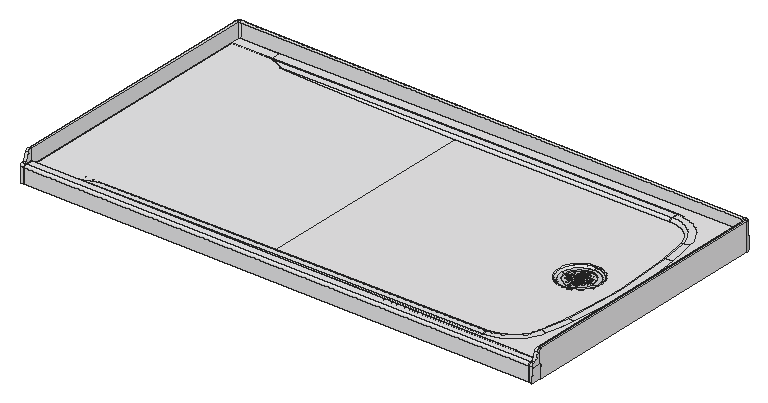
Revit family "Shower-Base-KOHLER-Ballast-K-1936_1", category Plumbing Fixtures, host Face, Revit 2015
Parameters (values of type "0-White")
  Width = 32"  # constant formula
  Waste Water Outlet = "Waste Water Outlet"  # constant formula
  Waste Connection = 1 = 1  # yes
  Vent Connection = 1 = 0  # no
  URL = "https://www.us.kohler.com/us/"
  Product Page URL = "http://www.us.kohler.com/us/catalog/productDetails.jsp?productNumber=1936"
  Product Name = "Ballast"  # constant formula
  Product Documentation Link = "http://www.us.kohler.com/onlinecatalog/pdf/K-1936_spec.pdf"
  Panel Thickness = 0"
  Model = "K-1936-0"  # constant formula
  Material = "Durable Acrylic With Resin Concrete Core Construction"  # constant formula
  MasterFormat 2004 = "22.41.23"  # constant formula
  MasterFormat 1995 = "15410"  # constant formula
  Manufacturer Address = "444 Highland Dr, Kohler, WI 53044"  # constant formula
  Manufacturer = "KOHLER Co."  # constant formula
  Length = 60"  # constant formula
  Hot Water Inlet = "Hot Water Inlet"  # constant formula
  Height = 1 15/16"  # constant formula
  HW Connection = 1 = 0  # no
  Finish = Kohler-Acrylic-0-White
  Environmental Product Declaration = ""
  Drain Included = 1 = 0  # no
  Description = "60 inch x 32 inch shower base with right-hand drain"  # constant formula
  Default Elevation = 0"
  Declare Label = ""
  Date Modified = "01/17/2019"  # constant formula
  Date Created = "01/17/2019"  # constant formula
  Copyright = "Copyright KOHLER Co."  # constant formula
  Contact Us = "https://www.us.kohler.com/us/static/contact.jsp"
  Cold Water Inlet = "Cold Water Inlet"  # constant formula
  CW Connection = 1 = 0  # no
  Assembly Code = "D2010700"
  ADA Compliant = 1 = 0  # no
Reference planes (in)
  plane 1 "Center (Front/Back)": y = 0
  plane 2: z = 0
  plane 3 "Center (Left/Right)": x = 0
  plane 4: y = 16
  plane 5: x = -30
  plane 6: x = 30
  plane 7: y = -16
  plane 8: z = 3.1875
  plane 9: z = 1.9375
Forms (in)
  Extrusion 1, void
    sketch origin (0, 0, 0) x (1, 0, 0) y (0, 1, 0)
      loop
        circle (0, 0) r 1.6393
    from -1.49591 to 0.35647
Dimensions and locks (in)
  "Length": plane 5 to plane 6
  "Width": plane 7 to plane 4
  "Height": plane 9 to plane 2
  locked: plane 8 to plane 2 at 3.1875
  aligned and locked: plane 2 to host face
  aligned and locked: level to host face
Automatic sketch dimensions
  host sketch curve to host sketch curve = 96"  (x2)
  plane 1 "Center (Front/Back)" to Extrusion 1 sketch curve = 0"
  Extrusion 1 sketch curve to plane 3 "Center (Left/Right)" = 0"
  radius of Extrusion 1 sketch curve = 1.6393"
Nested families (in)
  nested 1: "K-1936" at (0, 0, 0), type "K-1936"
Connectors (in)
  piping at (22.71654, 0, 0.71447), diameter 2, driven by "Waste Connection", driven by "Waste Water Outlet"
    settings: on nested 1, index 1, connector inside diameter 24", connector length 0", flow factor 0, pipe flow 0 GPM, pressure drop 0.00 psi, fitting loss kfactor 0, connector angle 0.00°, fixture units 0, engagement length 0", angle of deflection 0.00°, flow configuration 0, flow direction 2, fitting loss method 0, system type 16, joint type 0, gender type 0, connector reference index -1, connector utility 1, adjustable connector no, is connector primary yes, connector description "Waste Water Outlet"
Definition of nested family "K-1936"
  Parameters (values of type "K-1936")
    Material = none
  Reference planes (in)
    plane 1 "Center (Front/Back)": y = 0
    plane 2: z = 0
    plane 3 "Center (Left/Right)": x = 0
    plane 4: z = 1.9375
    plane 5: z = 3.1875
    plane 6: x = 30
    plane 7: y = 16
    plane 8: y = -16
    plane 9: x = -30
    plane 10: x = 22.75
    plane 11: y = -13.6875
    plane 12 "A": through (22.73465, -180, 1.9303) normal (0.0082, 0, -1)
  Forms (in)
    Sweep 1, solid, material <- "Material", detail levels medium+fine
      path origin (0, 0, 0) x (1, 0, 0) y (0, 1, 0)
        loop
          line (-29.50723, -14.81657) -> (-29.47521, 15.45483)
          arc (-29.47521, 15.45483) -> (-29.46923, 15.46922) -> (-29.45484, 15.47518) r 0.02036
          line (-29.45484, 15.47518) -> (29.45507, 15.47518)
          arc (29.45507, 15.47518) -> (29.4693, 15.46929) -> (29.47521, 15.45506) r 0.02014
          line (29.47521, 15.45506) -> (29.50723, -14.81657)
      profile origin (-29.49122, 0.31913, 0) x (-0.999999, 0.001058, 0) y (0, 0, 1)
        loop
          arc (0.26332, 3.2185) -> (0.19579, 3.19139) -> (0.16576, 3.12512) r 0.09766
          line (0.16576, 3.12512) -> (0.02905, 0) -> (0.50884, 0) -> (0.4271, 3.12225)
          arc (0.4271, 3.12225) -> (0.39727, 3.19046) -> (0.3283, 3.2185) r 0.09884
          line (0.3283, 3.2185) -> (0.26332, 3.2185)
    Extrusion 2, void, detail levels medium+fine
      sketch origin (-0.01172, 0, 0.01562) x (1, 0, 0) y (0, 0, 1)
        loop
          line (-30.22519, -0.04744) -> (-30.00104, -0.04744) -> (-29.91826, 3.11395)
          arc (-29.91826, 3.11395) -> (-29.88821, 3.18264) -> (-29.81874, 3.21086) r 0.09951
          line (-29.81874, 3.21086) -> (-30.22519, 3.21104) -> (-30.22519, -0.04744)
      from 14.81599 to 16.08076
    Sweep 3, solid, material <- "Material", detail levels medium+fine
      path origin (0, 0, 0) x (1, 0, 0) y (0, 1, 0)
        loop
          line (29.5711, -15.95491) -> (-29.5711, -15.95485)
      profile origin (0, -15.95488, 0) x (-0.000001, -1, 0) y (0, 0, 1)
        loop
          line (0.04508, 0) -> (-0.00006, 1.72392)
          arc (-0.00006, 1.72392) -> (-0.07553, 1.89645) -> (-0.24998, 1.96737) r 0.25
          line (-0.24998, 1.96737) -> (-1.13838, 1.96737) -> (-1.13838, 0) -> (0.04508, 0)
    Revolve 4, solid, material <- "Material", detail levels medium+fine
      sketch origin (0, 0, 0) x (1, 0, 0) y (0, 0, 1)
        loop
          line (21.01531, 0) -> (22.71654, 0) -> (22.71654, 1.25692) -> (20.011, 1.25692)
          arc (20.011, 1.25692) -> (20.18766, 1.22178) -> (20.33743, 1.12171) r 0.46164
          line (20.33743, 1.12171) -> (20.62154, 0.8376) -> (21.01531, 0.8376) -> (21.01531, 0)
        axis (22.71654, 1.25692) -> (22.71654, 0)
      angle from 0 to 360
    Sweep 5, solid, material <- "Material", detail levels medium+fine
      path origin (0, 0, 0) x (1, 0, 0) y (0, 1, 0)
        loop
          line (-29.56989, -14.81651) -> (-29.97393, -14.81608)
      profile origin (-29.77191, -14.81629, 0) x (-0.001058, -0.999999, 0) y (0, 0, 1)
        loop
          line (0, 3.2185) -> (0, 0) -> (1.18354, 0) -> (1.13828, 1.7265)
          arc (1.13828, 1.7265) -> (1.06361, 1.8972) -> (0.89101, 1.96737) r 0.24735
          line (0.89101, 1.96737) -> (0.83512, 1.96737)
          arc (0.83512, 1.96737) -> (0.75007, 1.99419) -> (0.69578, 2.06494) r 0.14828
          line (0.69578, 2.06494) -> (0.37, 2.96009)
          arc (0.37, 2.96009) -> (0.22622, 3.14748) -> (0, 3.2185) r 0.39272
    Extrusion 6, void, detail levels medium+fine
      sketch origin (0, 0, 0) x (1, 0, 0) y (0, 0, 1)
        loop
          line (-29.77331, 3.27872) -> (-29.77331, 3.2276)
          arc (-29.77331, 3.2276) -> (-29.70361, 3.19617) -> (-29.67303, 3.12609) r 0.10632
          line (-29.67303, 3.12609) -> (-29.62234, 1.96737) -> (-29.33125, 1.96737) -> (-29.33125, 3.27872) -> (-29.77331, 3.27872)
      from 14.73194 to 16.05581
    Sweep 7, solid, material <- "Material", detail levels medium+fine
      path origin (0, 0, 0) x (-1, 0, 0) y (0, 1, 0)
        loop
          line (-29.56989, -14.81651) -> (-29.97393, -14.81608)
      profile origin (29.77191, -14.81629, 0) x (-0.001058, 0.999999, 0) y (0, 0, 1)
        loop
          arc (0, 3.2185) -> (-0.22622, 3.14748) -> (-0.37, 2.96009) r 0.39272
          line (-0.37, 2.96009) -> (-0.69578, 2.06494)
          arc (-0.69578, 2.06494) -> (-0.75007, 1.99419) -> (-0.83512, 1.96737) r 0.14828
          line (-0.83512, 1.96737) -> (-0.89101, 1.96737)
          arc (-0.89101, 1.96737) -> (-1.06361, 1.8972) -> (-1.13828, 1.7265) r 0.24735
          line (-1.13828, 1.7265) -> (-1.18354, 0) -> (0, 0) -> (0, 3.2185)
    Extrusion 8, void, detail levels medium+fine
      sketch origin (0, 0, 0) x (-1, 0, 0) y (0, 0, -1)
        loop
          line (-29.75788, -3.22929) -> (-29.44594, -3.22929) -> (-29.44594, -1.96737) -> (-29.62234, -1.96737) -> (-29.67299, -3.12512)
          arc (-29.67299, -3.12512) -> (-29.69817, -3.19127) -> (-29.75788, -3.22929) r 0.1125
      from 14.73194 to 16.05581
    Revolve 9, void, detail levels medium+fine
      sketch origin (22.75, 0, 0) x (0, 1, 0) y (0, 0, 1)
        loop
          line (0, 1.7088) -> (-2.73408, 1.7088)
          arc (-2.73408, 1.7088) -> (-2.54015, 1.67023) -> (-2.37574, 1.56037) r 0.50677
          line (-2.37574, 1.56037) -> (-2.15173, 1.33636)
          arc (-2.15173, 1.33636) -> (-2.08878, 1.2943) -> (-2.01452, 1.27953) r 0.19405
          line (-2.01452, 1.27953) -> (0, 1.27953) -> (0, 1.7088)
        axis (0, 1.7088) -> (0, 1.27953)
      angle from 0 to 360
    Extrusion 10, void, detail levels medium+fine
      sketch origin (22.71654, 0, 0) x (1, 0, 0) y (0, 1, 0)
        loop
          circle (0, 0) r 1.67829
      from 1.34848 to 2.17287
    Extrusion 11, void
      sketch origin (0, 0, 0) x (1, 0, 0) y (0, 1, 0)
        loop
          arc (22.06654, 1.19973) -> (22.03118, 1.18508) -> (22.01654, 1.14973) r 0.05
          line (22.01654, 1.14973) -> (22.01654, 0.84348)
          arc (22.01654, 0.84348) -> (22.03118, 0.80812) -> (22.06654, 0.79348) r 0.05
          line (22.06654, 0.79348) -> (22.37279, 0.79348)
          arc (22.37279, 0.79348) -> (22.40814, 0.80812) -> (22.42279, 0.84348) r 0.05
          line (22.42279, 0.84348) -> (22.42279, 1.14973)
          arc (22.42279, 1.14973) -> (22.40814, 1.18508) -> (22.37279, 1.19973) r 0.05
          line (22.37279, 1.19973) -> (22.06654, 1.19973)
        loop
          arc (22.56654, 0.69973) -> (22.53118, 0.68508) -> (22.51654, 0.64973) r 0.05
          line (22.51654, 0.64973) -> (22.51654, 0.34373)
          arc (22.51654, 0.34373) -> (22.53118, 0.30837) -> (22.56654, 0.29373) r 0.05
          line (22.56654, 0.29373) -> (22.86654, 0.29373)
          arc (22.86654, 0.29373) -> (22.90189, 0.30837) -> (22.91654, 0.34373) r 0.05
          line (22.91654, 0.34373) -> (22.91654, 0.64973)
          arc (22.91654, 0.64973) -> (22.90189, 0.68508) -> (22.86654, 0.69973) r 0.05
          line (22.86654, 0.69973) -> (22.56654, 0.69973)
        loop
          arc (22.06654, 0.69973) -> (22.03118, 0.68508) -> (22.01654, 0.64973) r 0.05
          line (22.01654, 0.64973) -> (22.01654, 0.34373)
          arc (22.01654, 0.34373) -> (22.03118, 0.30837) -> (22.06654, 0.29373) r 0.05
          line (22.06654, 0.29373) -> (22.37254, 0.29373)
          arc (22.37254, 0.29373) -> (22.40789, 0.30837) -> (22.42254, 0.34373) r 0.05
          line (22.42254, 0.34373) -> (22.42254, 0.64973)
          arc (22.42254, 0.64973) -> (22.40789, 0.68508) -> (22.37254, 0.69973) r 0.05
          line (22.37254, 0.69973) -> (22.06654, 0.69973)
        loop
          arc (21.56679, 0.69973) -> (21.53143, 0.68508) -> (21.51679, 0.64973) r 0.05
          line (21.51679, 0.64973) -> (21.51679, 0.34373)
          arc (21.51679, 0.34373) -> (21.53143, 0.30837) -> (21.56679, 0.29373) r 0.05
          line (21.56679, 0.29373) -> (21.87279, 0.29373)
          arc (21.87279, 0.29373) -> (21.90814, 0.30837) -> (21.92279, 0.34373) r 0.05
          line (21.92279, 0.34373) -> (21.92279, 0.64973)
          arc (21.92279, 0.64973) -> (21.90814, 0.68508) -> (21.87279, 0.69973) r 0.05
          line (21.87279, 0.69973) -> (21.56679, 0.69973)
        loop
          arc (21.54779, 0.19998) -> (21.52569, 0.19082) -> (21.51654, 0.16873) r 0.03125
          line (21.51654, 0.16873) -> (21.51654, 0.12498) -> (21.26654, 0.12498) -> (21.26654, -0.12502) -> (21.51654, -0.12502) -> (21.51654, -0.16877)
          arc (21.51654, -0.16877) -> (21.52569, -0.19087) -> (21.54779, -0.20002) r 0.03125
          line (21.54779, -0.20002) -> (21.87654, -0.20002)
          arc (21.87654, -0.20002) -> (21.91189, -0.18538) -> (21.92654, -0.15002) r 0.05
          line (21.92654, -0.15002) -> (21.92654, 0.14998)
          arc (21.92654, 0.14998) -> (21.91189, 0.18533) -> (21.87654, 0.19998) r 0.05
          line (21.87654, 0.19998) -> (21.54779, 0.19998)
        loop
          arc (22.06654, 0.19998) -> (22.03118, 0.18533) -> (22.01654, 0.14998) r 0.05
          line (22.01654, 0.14998) -> (22.01654, -0.15002)
          arc (22.01654, -0.15002) -> (22.03118, -0.18538) -> (22.06654, -0.20002) r 0.05
          line (22.06654, -0.20002) -> (22.37279, -0.20002)
          arc (22.37279, -0.20002) -> (22.40814, -0.18538) -> (22.42279, -0.15002) r 0.05
          line (22.42279, -0.15002) -> (22.42279, 0.14998)
          arc (22.42279, 0.14998) -> (22.40814, 0.18533) -> (22.37279, 0.19998) r 0.05
          line (22.37279, 0.19998) -> (22.06654, 0.19998)
        loop
          arc (22.56654, 0.19998) -> (22.53118, 0.18533) -> (22.51654, 0.14998) r 0.05
          line (22.51654, 0.14998) -> (22.51654, -0.15002)
          arc (22.51654, -0.15002) -> (22.53118, -0.18538) -> (22.56654, -0.20002) r 0.05
          line (22.56654, -0.20002) -> (22.86654, -0.20002)
          arc (22.86654, -0.20002) -> (22.90189, -0.18538) -> (22.91654, -0.15002) r 0.05
          line (22.91654, -0.15002) -> (22.91654, 0.14998)
          arc (22.91654, 0.14998) -> (22.90189, 0.18533) -> (22.86654, 0.19998) r 0.05
          line (22.86654, 0.19998) -> (22.56654, 0.19998)
        loop
          arc (23.06029, 0.19998) -> (23.02493, 0.18533) -> (23.01029, 0.14998) r 0.05
          line (23.01029, 0.14998) -> (23.01029, -0.15002)
          arc (23.01029, -0.15002) -> (23.02493, -0.18538) -> (23.06029, -0.20002) r 0.05
          line (23.06029, -0.20002) -> (23.36654, -0.20002)
          arc (23.36654, -0.20002) -> (23.40189, -0.18538) -> (23.41654, -0.15002) r 0.05
          line (23.41654, -0.15002) -> (23.41654, 0.14998)
          arc (23.41654, 0.14998) -> (23.40189, 0.18533) -> (23.36654, 0.19998) r 0.05
          line (23.36654, 0.19998) -> (23.06029, 0.19998)
        loop
          arc (23.06054, 0.69973) -> (23.02518, 0.68508) -> (23.01054, 0.64973) r 0.05
          line (23.01054, 0.64973) -> (23.01054, 0.34373)
          arc (23.01054, 0.34373) -> (23.02518, 0.30837) -> (23.06054, 0.29373) r 0.05
          line (23.06054, 0.29373) -> (23.36654, 0.29373)
          arc (23.36654, 0.29373) -> (23.40189, 0.30837) -> (23.41654, 0.34373) r 0.05
          line (23.41654, 0.34373) -> (23.41654, 0.64973)
          arc (23.41654, 0.64973) -> (23.40189, 0.68508) -> (23.36654, 0.69973) r 0.05
          line (23.36654, 0.69973) -> (23.06054, 0.69973)
        loop
          arc (23.56029, 0.69973) -> (23.52493, 0.68508) -> (23.51029, 0.64973) r 0.05
          line (23.51029, 0.64973) -> (23.51029, 0.34373)
          arc (23.51029, 0.34373) -> (23.52493, 0.30837) -> (23.56029, 0.29373) r 0.05
          line (23.56029, 0.29373) -> (23.86629, 0.29373)
          arc (23.86629, 0.29373) -> (23.90164, 0.30837) -> (23.91629, 0.34373) r 0.05
          line (23.91629, 0.34373) -> (23.91629, 0.64973)
          arc (23.91629, 0.64973) -> (23.90164, 0.68508) -> (23.86629, 0.69973) r 0.05
          line (23.86629, 0.69973) -> (23.56029, 0.69973)
        loop
          arc (23.06029, 1.19973) -> (23.02493, 1.18508) -> (23.01029, 1.14973) r 0.05
          line (23.01029, 1.14973) -> (23.01029, 0.84348)
          arc (23.01029, 0.84348) -> (23.02493, 0.80812) -> (23.06029, 0.79348) r 0.05
          line (23.06029, 0.79348) -> (23.36654, 0.79348)
          arc (23.36654, 0.79348) -> (23.40189, 0.80812) -> (23.41654, 0.84348) r 0.05
          line (23.41654, 0.84348) -> (23.41654, 1.14973)
          arc (23.41654, 1.14973) -> (23.40189, 1.18508) -> (23.36654, 1.19973) r 0.05
          line (23.36654, 1.19973) -> (23.06029, 1.19973)
        loop
          arc (23.56029, -0.29377) -> (23.52493, -0.30842) -> (23.51029, -0.34377) r 0.05
          line (23.51029, -0.34377) -> (23.51029, -0.64977)
          arc (23.51029, -0.64977) -> (23.52493, -0.68513) -> (23.56029, -0.69977) r 0.05
          line (23.56029, -0.69977) -> (23.86629, -0.69977)
          arc (23.86629, -0.69977) -> (23.90164, -0.68513) -> (23.91629, -0.64977) r 0.05
          line (23.91629, -0.64977) -> (23.91629, -0.34377)
          arc (23.91629, -0.34377) -> (23.90164, -0.30842) -> (23.86629, -0.29377) r 0.05
          line (23.86629, -0.29377) -> (23.56029, -0.29377)
        loop
          arc (23.06054, -0.29377) -> (23.02518, -0.30842) -> (23.01054, -0.34377) r 0.05
          line (23.01054, -0.34377) -> (23.01054, -0.64977)
          arc (23.01054, -0.64977) -> (23.02518, -0.68513) -> (23.06054, -0.69977) r 0.05
          line (23.06054, -0.69977) -> (23.36654, -0.69977)
          arc (23.36654, -0.69977) -> (23.40189, -0.68513) -> (23.41654, -0.64977) r 0.05
          line (23.41654, -0.64977) -> (23.41654, -0.34377)
          arc (23.41654, -0.34377) -> (23.40189, -0.30842) -> (23.36654, -0.29377) r 0.05
          line (23.36654, -0.29377) -> (23.06054, -0.29377)
        loop
          arc (22.56654, -0.29377) -> (22.53118, -0.30842) -> (22.51654, -0.34377) r 0.05
          line (22.51654, -0.34377) -> (22.51654, -0.64977)
          arc (22.51654, -0.64977) -> (22.53118, -0.68513) -> (22.56654, -0.69977) r 0.05
          line (22.56654, -0.69977) -> (22.86654, -0.69977)
          arc (22.86654, -0.69977) -> (22.90189, -0.68513) -> (22.91654, -0.64977) r 0.05
          line (22.91654, -0.64977) -> (22.91654, -0.34377)
          arc (22.91654, -0.34377) -> (22.90189, -0.30842) -> (22.86654, -0.29377) r 0.05
          line (22.86654, -0.29377) -> (22.56654, -0.29377)
        loop
          arc (22.06654, -0.29377) -> (22.03118, -0.30842) -> (22.01654, -0.34377) r 0.05
          line (22.01654, -0.34377) -> (22.01654, -0.64977)
          arc (22.01654, -0.64977) -> (22.03118, -0.68513) -> (22.06654, -0.69977) r 0.05
          line (22.06654, -0.69977) -> (22.37254, -0.69977)
          arc (22.37254, -0.69977) -> (22.40789, -0.68513) -> (22.42254, -0.64977) r 0.05
          line (22.42254, -0.64977) -> (22.42254, -0.34377)
          arc (22.42254, -0.34377) -> (22.40789, -0.30842) -> (22.37254, -0.29377) r 0.05
          line (22.37254, -0.29377) -> (22.06654, -0.29377)
        loop
          arc (23.06029, -0.79352) -> (23.02493, -0.80817) -> (23.01029, -0.84352) r 0.05
          line (23.01029, -0.84352) -> (23.01029, -1.14977)
          arc (23.01029, -1.14977) -> (23.02493, -1.18513) -> (23.06029, -1.19977) r 0.05
          line (23.06029, -1.19977) -> (23.36654, -1.19977)
          arc (23.36654, -1.19977) -> (23.40189, -1.18513) -> (23.41654, -1.14977) r 0.05
          line (23.41654, -1.14977) -> (23.41654, -0.84352)
          arc (23.41654, -0.84352) -> (23.40189, -0.80817) -> (23.36654, -0.79352) r 0.05
          line (23.36654, -0.79352) -> (23.06029, -0.79352)
        loop
          arc (22.06654, -0.79352) -> (22.03118, -0.80817) -> (22.01654, -0.84352) r 0.05
          line (22.01654, -0.84352) -> (22.01654, -1.14977)
          arc (22.01654, -1.14977) -> (22.03118, -1.18513) -> (22.06654, -1.19977) r 0.05
          line (22.06654, -1.19977) -> (22.37279, -1.19977)
          arc (22.37279, -1.19977) -> (22.40814, -1.18513) -> (22.42279, -1.14977) r 0.05
          line (22.42279, -1.14977) -> (22.42279, -0.84352)
          arc (22.42279, -0.84352) -> (22.40814, -0.80817) -> (22.37279, -0.79352) r 0.05
          line (22.37279, -0.79352) -> (22.06654, -0.79352)
        loop
          arc (21.56679, -0.29377) -> (21.53143, -0.30842) -> (21.51679, -0.34377) r 0.05
          line (21.51679, -0.34377) -> (21.51679, -0.64977)
          arc (21.51679, -0.64977) -> (21.53143, -0.68513) -> (21.56679, -0.69977) r 0.05
          line (21.56679, -0.69977) -> (21.87279, -0.69977)
          arc (21.87279, -0.69977) -> (21.90814, -0.68513) -> (21.92279, -0.64977) r 0.05
          line (21.92279, -0.64977) -> (21.92279, -0.34377)
          arc (21.92279, -0.34377) -> (21.90814, -0.30842) -> (21.87279, -0.29377) r 0.05
          line (21.87279, -0.29377) -> (21.56679, -0.29377)
        loop
          arc (22.51654, -1.16852) -> (22.52569, -1.19062) -> (22.54779, -1.19977) r 0.03125
          line (22.54779, -1.19977) -> (22.58654, -1.19977) -> (22.58654, -1.47152) -> (22.84654, -1.47152) -> (22.84654, -1.19977) -> (22.88529, -1.19977)
          arc (22.88529, -1.19977) -> (22.90738, -1.19062) -> (22.91654, -1.16852) r 0.03125
          line (22.91654, -1.16852) -> (22.91654, -0.83977)
          arc (22.91654, -0.83977) -> (22.90189, -0.80442) -> (22.86654, -0.78977) r 0.05
          line (22.86654, -0.78977) -> (22.56654, -0.78977)
          arc (22.56654, -0.78977) -> (22.53118, -0.80442) -> (22.51654, -0.83977) r 0.05
          line (22.51654, -0.83977) -> (22.51654, -1.16852)
        loop
          arc (23.88529, -0.20002) -> (23.90738, -0.19087) -> (23.91654, -0.16877) r 0.03125
          line (23.91654, -0.16877) -> (23.91654, -0.12502) -> (24.16654, -0.12502) -> (24.16654, 0.12498) -> (23.91654, 0.12498) -> (23.91654, 0.16873)
          arc (23.91654, 0.16873) -> (23.90738, 0.19082) -> (23.88529, 0.19998) r 0.03125
          line (23.88529, 0.19998) -> (23.55654, 0.19998)
          arc (23.55654, 0.19998) -> (23.52118, 0.18533) -> (23.50654, 0.14998) r 0.05
          line (23.50654, 0.14998) -> (23.50654, -0.15002)
          arc (23.50654, -0.15002) -> (23.52118, -0.18538) -> (23.55654, -0.20002) r 0.05
          line (23.55654, -0.20002) -> (23.88529, -0.20002)
        loop
          arc (22.91654, 1.16753) -> (22.90711, 1.1903) -> (22.88434, 1.19973) r 0.0322
          line (22.88434, 1.19973) -> (22.84654, 1.19973) -> (22.84654, 1.44973) -> (22.58654, 1.44973) -> (22.58654, 1.19973) -> (22.54779, 1.19973)
          arc (22.54779, 1.19973) -> (22.52569, 1.19057) -> (22.51654, 1.16848) r 0.03125
          line (22.51654, 1.16848) -> (22.51654, 0.83973)
          arc (22.51654, 0.83973) -> (22.53118, 0.80437) -> (22.56654, 0.78973) r 0.05
          line (22.56654, 0.78973) -> (22.86654, 0.78973)
          arc (22.86654, 0.78973) -> (22.90189, 0.80437) -> (22.91654, 0.83973) r 0.05
          line (22.91654, 0.83973) -> (22.91654, 1.16753)
      from 0.72424 to 2.10742
    Sweep 12, solid, material <- "Material", detail levels medium+fine
      path origin (0.01813, 0, -0.3488) x (0.999966, 0, 0.00825) y (0, 1, 0)
        loop
          line (22.74441, 14.32248) -> (-29.57845, 14.32248)
      profile origin (-3.39877, 14.32248, -0.37699) x (0, -1, 0) y (-0.00825, 0, 0.999966)
        loop
          line (0.79761, 2.0657) -> (0, 2.09161) -> (0, 1.39733) -> (1.16421, 1.39733) -> (1.16421, 1.68699)
          arc (1.16421, 1.68699) -> (1.05753, 1.95052) -> (0.79761, 2.0657) r 0.37893
    Sweep 13, solid, material <- "Material", detail levels medium+fine
      path origin (0.01813, 0, -0.3488) x (0.999966, 0, 0.00825) y (0, 1, 0)
        loop
          line (-29.57845, -14.32248) -> (22.73455, -14.32248)
      profile origin (-3.4037, -14.32248, -0.37703) x (0, 1, 0) y (-0.00825, 0, 0.999966)
        loop
          line (0.79761, 2.06569) -> (0, 2.09161) -> (0, 1.39733) -> (1.16421, 1.39733) -> (1.1642, 1.68699)
          arc (1.1642, 1.68699) -> (1.05753, 1.95052) -> (0.79761, 2.06569) r 0.37893
    Sweep 14, solid, material <- "Material", detail levels medium+fine
      path origin (0.03572, 0, -0.49632) x (0.999966, 0, 0.00825) y (0, 1, 0)
        loop
          spline (22.72805, 14.32248) -> (23.26933, 14.29153) -> (23.80357, 14.1991) -> (24.32379, 14.04639) -> (24.82322, 13.83539) -> (25.29535, 13.56885) -> (25.73403, 13.25024) -> (26.13355, 12.88371) -> (26.4887, 12.47403) -> (26.79485, 12.02656) -> (27.04801, 11.54711) -> (27.24488, 11.04193) -> (27.38291, 10.5176)
          spline (27.38291, 10.5176) -> (27.43728, 10.24615) -> (27.49023, 9.97441) -> (27.54176, 9.70241) -> (27.59187, 9.43013) -> (27.64054, 9.1576) -> (27.6878, 8.88482) -> (27.73362, 8.61179) -> (27.77801, 8.33853) -> (27.82097, 8.06504) -> (27.8625, 7.79132) -> (27.9026, 7.5174) -> (27.94127, 7.24327)
          spline (27.94127, 7.24327) -> (28.09364, 6.04076) -> (28.21841, 4.83508) -> (28.31553, 3.62685) -> (28.38493, 2.41672) -> (28.42659, 1.20531) -> (28.44048, -0.00673) -> (28.42659, -1.21878) -> (28.38493, -2.43018) -> (28.31553, -3.64032) -> (28.21841, -4.84854) -> (28.09364, -6.05423) -> (27.94127, -7.25673)
          spline (27.94127, -7.25673) -> (27.9022, -7.53303) -> (27.86151, -7.80908) -> (27.8192, -8.0849) -> (27.77525, -8.36046) -> (27.72969, -8.63575) -> (27.6825, -8.91077) -> (27.63369, -9.18551) -> (27.58326, -9.45996) -> (27.53121, -9.7341) -> (27.47755, -10.00793) -> (27.42227, -10.28144) -> (27.36538, -10.55462)
          spline (27.36538, -10.55462) -> (27.22418, -11.07484) -> (27.02496, -11.57572) -> (26.77026, -12.05079) -> (26.46339, -12.49395) -> (26.10828, -12.89948) -> (25.70951, -13.26217) -> (25.27222, -13.57734) -> (24.80204, -13.84094) -> (24.30502, -14.04956) -> (23.78757, -14.20053) -> (23.25634, -14.29189) -> (22.71818, -14.32248)
      profile origin (28.47523, -0.00673, -0.26169) x (0.999966, 0, 0.00825) y (-0.00825, 0, 0.999966)
        loop
          line (-1.16421, 1.83465) -> (-1.16421, 1.54499) -> (0, 1.54499) -> (0, 2.23928) -> (-0.79761, 2.21336)
          arc (-0.79761, 2.21336) -> (-1.05754, 2.09819) -> (-1.16421, 1.83465) r 0.37891
    Blend 15, solid, material <- "Material", detail levels medium+fine
      base sketch origin (-0.01438, 0, 1.74262) x (0.999966, 0, 0.00825) y (0, -1, 0)
        loop
          spline (27.97289, -7.24327) -> (28.12524, -6.04076) -> (28.24999, -4.83507) -> (28.3471, -3.62684) -> (28.41651, -2.41671) -> (28.45819, -1.20531) -> (28.4721, 0.00673) -> (28.45819, 1.21877) -> (28.41651, 2.43018) -> (28.3471, 3.64031) -> (28.24999, 4.84854) -> (28.12524, 6.05422) -> (27.97289, 7.25673)
          spline (27.97289, 7.25673) -> (27.93382, 7.53303) -> (27.89313, 7.80908) -> (27.85082, 8.0849) -> (27.80687, 8.36046) -> (27.7613, 8.63575) -> (27.71411, 8.91077) -> (27.6653, 9.18551) -> (27.61487, 9.45995) -> (27.56283, 9.7341) -> (27.50916, 10.00793) -> (27.45389, 10.28144) -> (27.397, 10.55462)
          spline (27.397, 10.55462) -> (27.25567, 11.0748) -> (27.05644, 11.57569) -> (26.80188, 12.05079) -> (26.49491, 12.49385) -> (26.1398, 12.8994) -> (25.74113, 13.26217) -> (25.30378, 13.57722) -> (24.83358, 13.84082) -> (24.33664, 14.04956) -> (23.81919, 14.20039) -> (23.28795, 14.29176) -> (22.7498, 14.32248)
          line (22.7498, 14.32248) -> (-29.53444, 14.32248) -> (-29.53444, -14.32248) -> (22.75967, -14.32248)
          spline (22.75967, -14.32248) -> (23.30094, -14.2914) -> (23.83519, -14.19897) -> (24.35541, -14.04639) -> (24.85476, -13.83528) -> (25.32691, -13.56873) -> (25.76565, -13.25024) -> (26.16506, -12.88362) -> (26.52022, -12.47393) -> (26.82647, -12.02656) -> (27.07949, -11.54708) -> (27.27637, -11.04189) -> (27.41453, -10.5176)
          spline (27.41453, -10.5176) -> (27.4689, -10.24615) -> (27.52185, -9.97441) -> (27.57338, -9.70241) -> (27.62348, -9.43013) -> (27.67216, -9.1576) -> (27.71941, -8.88482) -> (27.76524, -8.61179) -> (27.80963, -8.33853) -> (27.85259, -8.06504) -> (27.89412, -7.79132) -> (27.93422, -7.5174) -> (27.97289, -7.24327)
      top sketch origin (-0.01438, 0, 1.74262) x (0.999966, 0, 0.00825) y (0, -1, 0)
        loop
          line (29.55007, -15.51204) -> (29.58222, 14.87903) -> (-29.56659, 14.87897) -> (-29.53444, -15.51204) -> (29.55007, -15.51204)
      from 0.69429 to 0
    Extrusion 16, void, detail levels medium+fine
      sketch origin (-0.01438, 0, 1.74262) x (0.999966, 0, 0.00825) y (0, -1, 0)
        loop
          spline (27.97289, -7.24327) -> (28.12524, -6.04076) -> (28.24999, -4.83507) -> (28.3471, -3.62684) -> (28.41651, -2.41671) -> (28.45819, -1.20531) -> (28.4721, 0.00673) -> (28.45819, 1.21877) -> (28.41651, 2.43018) -> (28.3471, 3.64031) -> (28.24999, 4.84854) -> (28.12524, 6.05422) -> (27.97289, 7.25673)
          spline (27.97289, 7.25673) -> (27.93382, 7.53303) -> (27.89313, 7.80908) -> (27.85082, 8.0849) -> (27.80687, 8.36046) -> (27.7613, 8.63575) -> (27.71411, 8.91077) -> (27.6653, 9.18551) -> (27.61487, 9.45995) -> (27.56283, 9.7341) -> (27.50916, 10.00793) -> (27.45389, 10.28144) -> (27.397, 10.55462)
          spline (27.397, 10.55462) -> (27.25567, 11.0748) -> (27.05644, 11.57569) -> (26.80188, 12.05079) -> (26.49491, 12.49385) -> (26.1398, 12.8994) -> (25.74113, 13.26217) -> (25.30378, 13.57722) -> (24.83358, 13.84082) -> (24.33664, 14.04956) -> (23.81919, 14.20039) -> (23.28795, 14.29176) -> (22.7498, 14.32248)
          line (22.7498, 14.32248) -> (-29.45714, 14.32248) -> (-29.45714, -14.32248) -> (22.75967, -14.32248)
          spline (22.75967, -14.32248) -> (23.30094, -14.2914) -> (23.83519, -14.19897) -> (24.35541, -14.04639) -> (24.85476, -13.83528) -> (25.32691, -13.56873) -> (25.76565, -13.25024) -> (26.16506, -12.88362) -> (26.52022, -12.47393) -> (26.82647, -12.02656) -> (27.07949, -11.54708) -> (27.27637, -11.04189) -> (27.41453, -10.5176)
          spline (27.41453, -10.5176) -> (27.4689, -10.24615) -> (27.52185, -9.97441) -> (27.57338, -9.70241) -> (27.62348, -9.43013) -> (27.67216, -9.1576) -> (27.71941, -8.88482) -> (27.76524, -8.61179) -> (27.80963, -8.33853) -> (27.85259, -8.06504) -> (27.89412, -7.79132) -> (27.93422, -7.5174) -> (27.97289, -7.24327)
      from -2.3988 to 0.29231
    Extrusion 17, solid, material <- "Material", detail levels medium+fine
      sketch origin (0, 0, 0) x (1, 0, 0) y (0, 0, 1)
        loop
          line (-29.57084, 1.55983) -> (-29.57084, 0.80446) -> (28.4069, 1.28278) -> (-29.57084, 1.55983)
      from -15.50423 to 14.8165
    Extrusion 18, void, detail levels medium+fine
      sketch origin (0.00928, 0, 0.01562) x (-1, 0, 0) y (0, 0, -1)
        loop
          line (-30.22519, 0.04744) -> (-30.22519, -3.33041) -> (-29.82481, -3.33023) -> (-29.82481, -3.20999)
          arc (-29.82481, -3.20999) -> (-29.89386, -3.17361) -> (-29.92276, -3.10112) r 0.1128
          line (-29.92276, -3.10112) -> (-30.00518, 0.04744) -> (-30.22519, 0.04744)
      from 14.81599 to 16.08076
    Revolve 19, solid, detail levels medium+fine
      sketch origin (0, 0, -0.00977) x (1, 0, 0) y (0, 0, 1)
        loop
          line (20.62103, 1.39045) -> (20.62103, 1.34393) -> (21.20404, 1.26535) -> (21.20404, 0.72424) -> (22.71654, 0.72424) -> (22.71654, 1.39045) -> (20.62103, 1.39045)
        axis (22.71654, 1.39045) -> (22.71654, 0.72424)
      angle from 0 to 360
    Extrusion 20, solid, material <- "Material", detail levels coarse
      sketch origin (0, 0, 0) x (1, 0, 0) y (0, 1, 0)
        loop
          line (-29.98348, 15.98401) -> (-30.01732, -15.99992) -> (30.01732, -15.99999) -> (29.98348, 15.98401) -> (-29.98348, 15.98401)
        loop
          line (29.53469, 15.50423) -> (-29.57106, 15.50423) -> (-29.5711, -14.81647) -> (29.56677, -14.81653) -> (29.53469, 15.50423)
      from 0 to 3.2185
    Extrusion 21, solid, material <- "Material", detail levels coarse
      sketch origin (0, 0, 0) x (1, 0, 0) y (0, 1, 0)
        loop
          line (-29.57106, 15.50423) -> (-29.5711, -14.81647) -> (29.56677, -14.81653) -> (29.53469, 15.50423) -> (-29.57106, 15.50423)
      from 0 to 1.96737
    Extrusion 22, void, detail levels coarse
      sketch origin (0, 0, 0) x (1, 0, 0) y (0, 0, 1)
        loop
          line (-29.5711, 1.96737) -> (29.56677, 1.96737) -> (29.56677, 3.36848) -> (-29.5711, 3.36848) -> (-29.5711, 1.96737)
      from 13.15827 to 17.30162
  Cuts and joins
    Extrusion 8, Extrusion 11 cuts Sweep 3
    Revolve 9, Extrusion 11 cuts Extrusion 17
    joined: Sweep 3, Extrusion 17
    Extrusion 2, Extrusion 6, Extrusion 8, Extrusion 18 cuts Sweep 5
    Extrusion 8, Revolve 9, Extrusion 11, Extrusion 18 cuts Sweep 7
    Revolve 9, Extrusion 11 cuts Sweep 14
    Revolve 9, Extrusion 11, Extrusion 16 cuts Blend 15
    joined: Sweep 5, Sweep 7, Sweep 14, Blend 15
    Extrusion 11 cuts Revolve 4
    Extrusion 10, Extrusion 11 cuts Revolve 19
    Extrusion 22 cuts Extrusion 20
    joined: Extrusion 20, Extrusion 21
  Lines and regions (in)
    Masking region 1
      outline origin (0, 0, 0) x (1, 0, 0) y (0, 0, 1)
        loop
          arc (-29.80645, 3.1875) -> (-29.89384, 3.15187) -> (-29.93142, 3.0653) r 0.125
          line (-29.93142, 3.0653) -> (-30, 0) -> (30, 0) -> (29.93142, 3.0653)
          arc (29.93142, 3.0653) -> (29.89384, 3.15187) -> (29.80645, 3.1875) r 0.125
          line (29.80645, 3.1875) -> (-29.80645, 3.1875)
    Masking region 2
      outline origin (0, 0, 0) x (0, 1, 0) y (0, 0, 1)
        loop
          line (15.875, 3.1875) -> (-14.81889, 3.1875)
          arc (-14.81889, 3.1875) -> (-15.05192, 3.11402) -> (-15.20065, 2.92018) r 0.40625
          line (-15.20065, 2.92018) -> (-15.51188, 2.06494)
          arc (-15.51188, 2.06494) -> (-15.56657, 1.9942) -> (-15.65163, 1.96737) r 0.14828
          line (-15.65163, 1.96737) -> (-15.70752, 1.96737)
          arc (-15.70752, 1.96737) -> (-15.88003, 1.89729) -> (-15.95478, 1.72676) r 0.24735
          line (-15.95478, 1.72676) -> (-16, 0) -> (16, 0) -> (16, 3.0625)
          arc (16, 3.0625) -> (15.96339, 3.15089) -> (15.875, 3.1875) r 0.125
    Masking region 3
      outline origin (0, 0, 0) x (1, 0, 0) y (0, 1, 0)
        loop
          arc (-29.68359, 16) -> (-29.90733, 15.90733) -> (-30, 15.68359) r 0.31641
          line (-30, 15.68359) -> (-30, -15.68359)
          arc (-30, -15.68359) -> (-29.90733, -15.90733) -> (-29.68359, -16) r 0.31641
          line (-29.68359, -16) -> (29.68359, -16)
          arc (29.68359, -16) -> (29.90733, -15.90733) -> (30, -15.68359) r 0.31641
          line (30, -15.68359) -> (30, 15.68359)
          arc (30, 15.68359) -> (29.90733, 15.90733) -> (29.68359, 16) r 0.31641
          line (29.68359, 16) -> (-29.68359, 16)
    symbolic lines, detail levels medium+fine
      curve 1: line (-1.59079, 0, 0) -> (1.59079, 0, 0)
      curve 2: line (0, 1.59077, 0) -> (0, -1.59082, 0)
      curve 3: line (-29.60091, 15.81991, 0) -> (29.60091, 15.81991, 0)
      curve 4: line (-29.81984, -15.64468, 0) -> (-29.81984, 15.60098, 0)
      curve 5: line (-30, -15.6442, 0) -> (-29.72605, -15.64493, 0)
      curve 6: line (-29.47539, -15.39493, 0) -> (-29.47539, 15.42142, 0)
      curve 7: arc (-29.47539, -15.39493, 0) -> (-29.54885, -15.57194, 0) -> (-29.72605, -15.64493, 0) r 0.25
      curve 8: arc (-29.81984, 15.60098, 0) -> (-29.75572, 15.75579, 0) -> (-29.60091, 15.81991, 0) r 0.21893
      curve 9: arc (-29.47539, 15.42142, 0) -> (-29.45967, 15.45941, 0) -> (-29.42171, 15.47517, 0) r 0.05375
      curve 10: line (29.81984, -15.64468, 0) -> (29.81984, 15.60098, 0)
      curve 11: line (30, -15.6442, 0) -> (29.72605, -15.64493, 0)
      curve 12: line (29.47539, -15.39493, 0) -> (29.47539, 15.42142, 0)
      curve 13: arc (29.47539, -15.39493, 0) -> (29.54885, -15.57194, 0) -> (29.72605, -15.64493, 0) r 0.25
      curve 14: arc (29.81984, 15.60098, 0) -> (29.75572, 15.75579, 0) -> (29.60091, 15.81991, 0) r 0.21893
      curve 15: arc (29.47539, 15.42142, 0) -> (29.45967, 15.45941, 0) -> (29.42171, 15.47517, 0) r 0.05375
      curve 16: line (29.42171, 15.47517, 0) -> (-29.42171, 15.47517, 0)
      curve 17: line (-22.70581, 14.21403, 0) -> (22.94426, 14.21506, 0)
      curve 18: line (-28.20328, -8.18828, 0) -> (-28.20568, 8.71325, 0)
      curve 19: line (-22.70328, -13.6875, 0) -> (23.07017, -13.6875, 0)
      curve 20: arc (27.96328, 7.24327, 0) -> (28.45352, -0.00713, 0) -> (27.96328, -7.25753, 0) r 53.86046
      curve 21: arc (27.45076, 10.22537, 0) -> (27.73325, 8.73883, 0) -> (27.96328, 7.24327, 0) r 43.01578
      curve 22: arc (27.26847, 10.96089, 0) -> (27.36653, 10.59484, 0) -> (27.45076, 10.22537, 0) r 10.08787
      curve 23: arc (22.94426, 14.21506, 0) -> (25.65022, 13.31066, 0) -> (27.26847, 10.96089, 0) r 4.5
      curve 24: arc (27.47849, -10.09119, 0) -> (27.7448, -8.6713, 0) -> (27.96328, -7.24327, 0) r 43.01578
      curve 25: arc (23.07017, -13.6875, 0) -> (25.91475, -12.67438, 0) -> (27.47849, -10.09119, 0) r 4.5
      curve 26: arc (-28.20568, 8.71325, 0) -> (-26.59509, 12.6028, 0) -> (-22.70581, 14.21403, 0) r 5.5
      curve 27: arc (-28.20328, -8.18828, 0) -> (-26.59209, -12.07686, 0) -> (-22.70328, -13.6875, 0) r 5.5
      curve 28: arc (-27.20568, 8.71339, 0) -> (-25.88793, 11.89575, 0) -> (-22.70579, 13.21403, 0) r 4.5
      curve 29: arc (26.49886, -9.89037, 0) -> (26.7578, -8.51045, 0) -> (26.97048, -7.12265, 0) r 42.01578
      curve 30: arc (23.07017, -12.6875, 0) -> (25.28262, -11.89952, 0) -> (26.49886, -9.89037, 0) r 3.5
      curve 31: line (-22.70328, -12.6875, 0) -> (23.07017, -12.6875, 0)
      curve 32: arc (-27.20328, -8.18814, 0) -> (-25.88504, -11.36971, 0) -> (-22.70328, -12.6875, 0) r 4.5
      curve 33: line (-27.20328, -8.18814, 0) -> (-27.20568, 8.71339, 0)
      curve 34: line (-22.70579, 13.21403, 0) -> (22.94428, 13.21506, 0)
      curve 35: arc (22.94428, 13.21506, 0) -> (25.04892, 12.51163, 0) -> (26.30756, 10.68403, 0) r 3.5
      curve 36: arc (26.30756, 10.68403, 0) -> (26.39589, 10.35428, 0) -> (26.47178, 10.02143, 0) r 9.08787
      curve 37: arc (26.47178, 10.02143, 0) -> (26.7477, 8.56945, 0) -> (26.97239, 7.10865, 0) r 42.01578
      curve 38: arc (26.97239, 7.10865, 0) -> (27.45352, -0.00006, 0) -> (26.97429, -7.10891, 0) r 52.86046
      curve 39: circle (22.75, 0, 0) r 2.58322 normal (0, 0, 1)
      curve 40: circle (22.75, 0, 0) r 2.1875 normal (0, 0, 1)
      curve 41: line (22.1, 1.19973, 0) -> (22.40625, 1.19973, 0)
      curve 42: arc (22.40625, 1.19973, 0) -> (22.44161, 1.18508, 0) -> (22.45625, 1.14973, 0) r 0.05
      curve 43: line (22.45625, 1.14973, 0) -> (22.45625, 0.84348, 0)
      curve 44: arc (22.45625, 0.84348, 0) -> (22.44161, 0.80812, 0) -> (22.40625, 0.79348, 0) r 0.05
      curve 45: line (22.40625, 0.79348, 0) -> (22.1, 0.79348, 0)
      curve 46: arc (22.1, 0.79348, 0) -> (22.06464, 0.80812, 0) -> (22.05, 0.84348, 0) r 0.05
      curve 47: line (22.05, 0.84348, 0) -> (22.05, 1.14973, 0)
      curve 48: arc (22.05, 1.14973, 0) -> (22.06464, 1.18508, 0) -> (22.1, 1.19973, 0) r 0.05
      curve 49: line (22.6, 0.69973, 0) -> (22.9, 0.69973, 0)
      curve 50: arc (22.9, 0.69973, 0) -> (22.93536, 0.68508, 0) -> (22.95, 0.64973, 0) r 0.05
      curve 51: line (22.95, 0.64973, 0) -> (22.95, 0.34373, 0)
      curve 52: arc (22.95, 0.34373, 0) -> (22.93536, 0.30837, 0) -> (22.9, 0.29373, 0) r 0.05
      curve 53: line (22.9, 0.29373, 0) -> (22.6, 0.29373, 0)
      curve 54: arc (22.6, 0.29373, 0) -> (22.56464, 0.30837, 0) -> (22.55, 0.34373, 0) r 0.05
      curve 55: line (22.55, 0.34373, 0) -> (22.55, 0.64973, 0)
      curve 56: arc (22.55, 0.64973, 0) -> (22.56464, 0.68508, 0) -> (22.6, 0.69973, 0) r 0.05
      curve 57: line (22.1, 0.69973, 0) -> (22.406, 0.69973, 0)
      curve 58: arc (22.406, 0.69973, 0) -> (22.44136, 0.68508, 0) -> (22.456, 0.64973, 0) r 0.05
      curve 59: line (22.456, 0.64973, 0) -> (22.456, 0.34373, 0)
      curve 60: arc (22.456, 0.34373, 0) -> (22.44136, 0.30837, 0) -> (22.406, 0.29373, 0) r 0.05
      curve 61: line (22.406, 0.29373, 0) -> (22.1, 0.29373, 0)
      curve 62: arc (22.1, 0.29373, 0) -> (22.06464, 0.30837, 0) -> (22.05, 0.34373, 0) r 0.05
      curve 63: line (22.05, 0.34373, 0) -> (22.05, 0.64973, 0)
      curve 64: arc (22.05, 0.64973, 0) -> (22.06464, 0.68508, 0) -> (22.1, 0.69973, 0) r 0.05
      curve 65: line (21.60025, 0.69973, 0) -> (21.90625, 0.69973, 0)
      curve 66: arc (21.90625, 0.69973, 0) -> (21.94161, 0.68508, 0) -> (21.95625, 0.64973, 0) r 0.05
      curve 67: line (21.95625, 0.64973, 0) -> (21.95625, 0.34373, 0)
      curve 68: arc (21.95625, 0.34373, 0) -> (21.94161, 0.30837, 0) -> (21.90625, 0.29373, 0) r 0.05
      curve 69: line (21.90625, 0.29373, 0) -> (21.60025, 0.29373, 0)
      curve 70: arc (21.60025, 0.29373, 0) -> (21.56489, 0.30837, 0) -> (21.55025, 0.34373, 0) r 0.05
      curve 71: line (21.55025, 0.34373, 0) -> (21.55025, 0.64973, 0)
      curve 72: arc (21.55025, 0.64973, 0) -> (21.56489, 0.68508, 0) -> (21.60025, 0.69973, 0) r 0.05
      curve 73: line (21.58125, 0.19998, 0) -> (21.91, 0.19998, 0)
      curve 74: arc (21.91, 0.19998, 0) -> (21.94536, 0.18533, 0) -> (21.96, 0.14998, 0) r 0.05
      curve 75: line (21.96, 0.14998, 0) -> (21.96, -0.15002, 0)
      curve 76: arc (21.96, -0.15002, 0) -> (21.94536, -0.18538, 0) -> (21.91, -0.20002, 0) r 0.05
      curve 77: line (21.91, -0.20002, 0) -> (21.58125, -0.20002, 0)
      curve 78: line (21.55, -0.12502, 0) -> (21.3, -0.12502, 0)
      curve 79: line (21.3, -0.12502, 0) -> (21.3, 0.12498, 0)
      curve 80: line (21.3, 0.12498, 0) -> (21.55, 0.12498, 0)
      curve 81: line (22.1, 0.19998, 0) -> (22.40625, 0.19998, 0)
      curve 82: arc (22.40625, 0.19998, 0) -> (22.44161, 0.18533, 0) -> (22.45625, 0.14998, 0) r 0.05
      curve 83: line (22.45625, 0.14998, 0) -> (22.45625, -0.15002, 0)
      curve 84: arc (22.45625, -0.15002, 0) -> (22.44161, -0.18538, 0) -> (22.40625, -0.20002, 0) r 0.05
      curve 85: line (22.40625, -0.20002, 0) -> (22.1, -0.20002, 0)
      curve 86: arc (22.1, -0.20002, 0) -> (22.06464, -0.18538, 0) -> (22.05, -0.15002, 0) r 0.05
      curve 87: line (22.05, -0.15002, 0) -> (22.05, 0.14998, 0)
      curve 88: arc (22.05, 0.14998, 0) -> (22.06464, 0.18533, 0) -> (22.1, 0.19998, 0) r 0.05
      curve 89: line (22.6, 0.19998, 0) -> (22.9, 0.19998, 0)
      curve 90: arc (22.9, 0.19998, 0) -> (22.93536, 0.18533, 0) -> (22.95, 0.14998, 0) r 0.05
      curve 91: line (22.95, 0.14998, 0) -> (22.95, -0.15002, 0)
      curve 92: arc (22.95, -0.15002, 0) -> (22.93536, -0.18538, 0) -> (22.9, -0.20002, 0) r 0.05
      curve 93: line (22.9, -0.20002, 0) -> (22.6, -0.20002, 0)
      curve 94: arc (22.6, -0.20002, 0) -> (22.56464, -0.18538, 0) -> (22.55, -0.15002, 0) r 0.05
      curve 95: line (22.55, -0.15002, 0) -> (22.55, 0.14998, 0)
      curve 96: arc (22.55, 0.14998, 0) -> (22.56464, 0.18533, 0) -> (22.6, 0.19998, 0) r 0.05
      curve 97: line (23.09375, 0.19998, 0) -> (23.4, 0.19998, 0)
      curve 98: arc (23.4, 0.19998, 0) -> (23.43536, 0.18533, 0) -> (23.45, 0.14998, 0) r 0.05
      curve 99: line (23.45, 0.14998, 0) -> (23.45, -0.15002, 0)
      curve 100: arc (23.45, -0.15002, 0) -> (23.43536, -0.18538, 0) -> (23.4, -0.20002, 0) r 0.05
      curve 101: line (23.4, -0.20002, 0) -> (23.09375, -0.20002, 0)
      curve 102: arc (23.09375, -0.20002, 0) -> (23.05839, -0.18538, 0) -> (23.04375, -0.15002, 0) r 0.05
      curve 103: line (23.04375, -0.15002, 0) -> (23.04375, 0.14998, 0)
      curve 104: arc (23.04375, 0.14998, 0) -> (23.05839, 0.18533, 0) -> (23.09375, 0.19998, 0) r 0.05
      curve 105: line (23.094, 0.69973, 0) -> (23.4, 0.69973, 0)
      curve 106: arc (23.4, 0.69973, 0) -> (23.43536, 0.68508, 0) -> (23.45, 0.64973, 0) r 0.05
      curve 107: line (23.45, 0.64973, 0) -> (23.45, 0.34373, 0)
      curve 108: arc (23.45, 0.34373, 0) -> (23.43536, 0.30837, 0) -> (23.4, 0.29373, 0) r 0.05
      curve 109: line (23.4, 0.29373, 0) -> (23.094, 0.29373, 0)
      curve 110: arc (23.094, 0.29373, 0) -> (23.05864, 0.30837, 0) -> (23.044, 0.34373, 0) r 0.05
      curve 111: line (23.044, 0.34373, 0) -> (23.044, 0.64973, 0)
      curve 112: arc (23.044, 0.64973, 0) -> (23.05864, 0.68508, 0) -> (23.094, 0.69973, 0) r 0.05
      curve 113: line (23.59375, 0.69973, 0) -> (23.89975, 0.69973, 0)
      curve 114: arc (23.89975, 0.69973, 0) -> (23.93511, 0.68508, 0) -> (23.94975, 0.64973, 0) r 0.05
      curve 115: line (23.94975, 0.64973, 0) -> (23.94975, 0.34373, 0)
      curve 116: arc (23.94975, 0.34373, 0) -> (23.93511, 0.30837, 0) -> (23.89975, 0.29373, 0) r 0.05
      curve 117: line (23.89975, 0.29373, 0) -> (23.59375, 0.29373, 0)
      curve 118: arc (23.59375, 0.29373, 0) -> (23.55839, 0.30837, 0) -> (23.54375, 0.34373, 0) r 0.05
      curve 119: line (23.54375, 0.34373, 0) -> (23.54375, 0.64973, 0)
      curve 120: arc (23.54375, 0.64973, 0) -> (23.55839, 0.68508, 0) -> (23.59375, 0.69973, 0) r 0.05
      curve 121: line (23.09375, 1.19973, 0) -> (23.4, 1.19973, 0)
      curve 122: arc (23.4, 1.19973, 0) -> (23.43536, 1.18508, 0) -> (23.45, 1.14973, 0) r 0.05
      curve 123: line (23.45, 1.14973, 0) -> (23.45, 0.84348, 0)
      curve 124: arc (23.45, 0.84348, 0) -> (23.43536, 0.80812, 0) -> (23.4, 0.79348, 0) r 0.05
      curve 125: line (23.4, 0.79348, 0) -> (23.09375, 0.79348, 0)
      curve 126: arc (23.09375, 0.79348, 0) -> (23.05839, 0.80812, 0) -> (23.04375, 0.84348, 0) r 0.05
      curve 127: line (23.04375, 0.84348, 0) -> (23.04375, 1.14973, 0)
      curve 128: arc (23.04375, 1.14973, 0) -> (23.05839, 1.18508, 0) -> (23.09375, 1.19973, 0) r 0.05
      curve 129: line (23.59375, -0.29377, 0) -> (23.89975, -0.29377, 0)
      curve 130: arc (23.89975, -0.29377, 0) -> (23.93511, -0.30842, 0) -> (23.94975, -0.34377, 0) r 0.05
      curve 131: line (23.94975, -0.34377, 0) -> (23.94975, -0.64977, 0)
      curve 132: arc (23.94975, -0.64977, 0) -> (23.93511, -0.68513, 0) -> (23.89975, -0.69977, 0) r 0.05
      curve 133: line (23.89975, -0.69977, 0) -> (23.59375, -0.69977, 0)
      curve 134: arc (23.59375, -0.69977, 0) -> (23.55839, -0.68513, 0) -> (23.54375, -0.64977, 0) r 0.05
      curve 135: line (23.54375, -0.64977, 0) -> (23.54375, -0.34377, 0)
      curve 136: arc (23.54375, -0.34377, 0) -> (23.55839, -0.30842, 0) -> (23.59375, -0.29377, 0) r 0.05
      curve 137: line (23.094, -0.29377, 0) -> (23.4, -0.29377, 0)
      curve 138: arc (23.4, -0.29377, 0) -> (23.43536, -0.30842, 0) -> (23.45, -0.34377, 0) r 0.05
      curve 139: line (23.45, -0.34377, 0) -> (23.45, -0.64977, 0)
      curve 140: arc (23.45, -0.64977, 0) -> (23.43536, -0.68513, 0) -> (23.4, -0.69977, 0) r 0.05
      curve 141: line (23.4, -0.69977, 0) -> (23.094, -0.69977, 0)
      curve 142: arc (23.094, -0.69977, 0) -> (23.05864, -0.68513, 0) -> (23.044, -0.64977, 0) r 0.05
      curve 143: line (23.044, -0.64977, 0) -> (23.044, -0.34377, 0)
      curve 144: arc (23.044, -0.34377, 0) -> (23.05864, -0.30842, 0) -> (23.094, -0.29377, 0) r 0.05
      curve 145: line (22.6, -0.29377, 0) -> (22.9, -0.29377, 0)
      curve 146: arc (22.9, -0.29377, 0) -> (22.93536, -0.30842, 0) -> (22.95, -0.34377, 0) r 0.05
      curve 147: line (22.95, -0.34377, 0) -> (22.95, -0.64977, 0)
      curve 148: arc (22.95, -0.64977, 0) -> (22.93536, -0.68513, 0) -> (22.9, -0.69977, 0) r 0.05
      curve 149: line (22.9, -0.69977, 0) -> (22.6, -0.69977, 0)
      curve 150: arc (22.6, -0.69977, 0) -> (22.56464, -0.68513, 0) -> (22.55, -0.64977, 0) r 0.05
      curve 151: line (22.55, -0.64977, 0) -> (22.55, -0.34377, 0)
      curve 152: arc (22.55, -0.34377, 0) -> (22.56464, -0.30842, 0) -> (22.6, -0.29377, 0) r 0.05
      curve 153: line (22.1, -0.29377, 0) -> (22.406, -0.29377, 0)
      curve 154: arc (22.406, -0.29377, 0) -> (22.44136, -0.30842, 0) -> (22.456, -0.34377, 0) r 0.05
      curve 155: line (22.456, -0.34377, 0) -> (22.456, -0.64977, 0)
      curve 156: arc (22.456, -0.64977, 0) -> (22.44136, -0.68513, 0) -> (22.406, -0.69977, 0) r 0.05
      curve 157: line (22.406, -0.69977, 0) -> (22.1, -0.69977, 0)
      curve 158: arc (22.1, -0.69977, 0) -> (22.06464, -0.68513, 0) -> (22.05, -0.64977, 0) r 0.05
      curve 159: line (22.05, -0.64977, 0) -> (22.05, -0.34377, 0)
      curve 160: arc (22.05, -0.34377, 0) -> (22.06464, -0.30842, 0) -> (22.1, -0.29377, 0) r 0.05
      curve 161: line (23.09375, -0.79352, 0) -> (23.4, -0.79352, 0)
      curve 162: arc (23.4, -0.79352, 0) -> (23.43536, -0.80817, 0) -> (23.45, -0.84352, 0) r 0.05
      curve 163: line (23.45, -0.84352, 0) -> (23.45, -1.14977, 0)
      curve 164: arc (23.45, -1.14977, 0) -> (23.43536, -1.18513, 0) -> (23.4, -1.19977, 0) r 0.05
      curve 165: line (23.4, -1.19977, 0) -> (23.09375, -1.19977, 0)
      curve 166: arc (23.09375, -1.19977, 0) -> (23.05839, -1.18513, 0) -> (23.04375, -1.14977, 0) r 0.05
      curve 167: line (23.04375, -1.14977, 0) -> (23.04375, -0.84352, 0)
      curve 168: arc (23.04375, -0.84352, 0) -> (23.05839, -0.80817, 0) -> (23.09375, -0.79352, 0) r 0.05
      curve 169: line (22.1, -0.79352, 0) -> (22.40625, -0.79352, 0)
      curve 170: arc (22.40625, -0.79352, 0) -> (22.44161, -0.80817, 0) -> (22.45625, -0.84352, 0) r 0.05
      curve 171: line (22.45625, -0.84352, 0) -> (22.45625, -1.14977, 0)
      curve 172: arc (22.45625, -1.14977, 0) -> (22.44161, -1.18513, 0) -> (22.40625, -1.19977, 0) r 0.05
      curve 173: line (22.40625, -1.19977, 0) -> (22.1, -1.19977, 0)
      curve 174: arc (22.1, -1.19977, 0) -> (22.06464, -1.18513, 0) -> (22.05, -1.14977, 0) r 0.05
      curve 175: line (22.05, -1.14977, 0) -> (22.05, -0.84352, 0)
      curve 176: arc (22.05, -0.84352, 0) -> (22.06464, -0.80817, 0) -> (22.1, -0.79352, 0) r 0.05
      curve 177: line (21.60025, -0.29377, 0) -> (21.90625, -0.29377, 0)
      curve 178: arc (21.90625, -0.29377, 0) -> (21.94161, -0.30842, 0) -> (21.95625, -0.34377, 0) r 0.05
      curve 179: line (21.95625, -0.34377, 0) -> (21.95625, -0.64977, 0)
      curve 180: arc (21.95625, -0.64977, 0) -> (21.94161, -0.68513, 0) -> (21.90625, -0.69977, 0) r 0.05
      curve 181: line (21.90625, -0.69977, 0) -> (21.60025, -0.69977, 0)
      curve 182: arc (21.60025, -0.69977, 0) -> (21.56489, -0.68513, 0) -> (21.55025, -0.64977, 0) r 0.05
      curve 183: line (21.55025, -0.64977, 0) -> (21.55025, -0.34377, 0)
      curve 184: arc (21.55025, -0.34377, 0) -> (21.56489, -0.30842, 0) -> (21.60025, -0.29377, 0) r 0.05
      curve 185: line (22.55, -1.16852, 0) -> (22.55, -0.83977, 0)
      curve 186: arc (22.55, -0.83977, 0) -> (22.56464, -0.80442, 0) -> (22.6, -0.78977, 0) r 0.05
      curve 187: line (22.6, -0.78977, 0) -> (22.9, -0.78977, 0)
      curve 188: arc (22.9, -0.78977, 0) -> (22.93536, -0.80442, 0) -> (22.95, -0.83977, 0) r 0.05
      curve 189: line (22.95, -0.83977, 0) -> (22.95, -1.16852, 0)
      curve 190: line (22.62, -1.47152, 0) -> (22.88, -1.47152, 0)
      curve 191: line (22.88, -1.19977, 0) -> (22.88, -1.47152, 0)
      curve 192: line (22.62, -1.19977, 0) -> (22.62, -1.47152, 0)
      curve 193: line (23.91875, -0.20002, 0) -> (23.59, -0.20002, 0)
      curve 194: arc (23.59, -0.20002, 0) -> (23.55464, -0.18538, 0) -> (23.54, -0.15002, 0) r 0.05
      curve 195: line (23.54, -0.15002, 0) -> (23.54, 0.14998, 0)
      curve 196: arc (23.54, 0.14998, 0) -> (23.55464, 0.18533, 0) -> (23.59, 0.19998, 0) r 0.05
      curve 197: line (23.59, 0.19998, 0) -> (23.91875, 0.19998, 0)
      curve 198: line (23.95, 0.12498, 0) -> (24.2, 0.12498, 0)
      curve 199: line (24.2, 0.12498, 0) -> (24.2, -0.12502, 0)
      curve 200: line (24.2, -0.12502, 0) -> (23.95, -0.12502, 0)
      curve 201: line (22.95, 1.16753, 0) -> (22.95, 0.83973, 0)
      curve 202: arc (22.95, 0.83973, 0) -> (22.93536, 0.80437, 0) -> (22.9, 0.78973, 0) r 0.05
      curve 203: line (22.9, 0.78973, 0) -> (22.6, 0.78973, 0)
      curve 204: arc (22.6, 0.78973, 0) -> (22.56464, 0.80437, 0) -> (22.55, 0.83973, 0) r 0.05
      curve 205: line (22.55, 0.83973, 0) -> (22.55, 1.16848, 0)
      curve 206: line (22.62, 1.19973, 0) -> (22.62, 1.44973, 0)
      curve 207: line (22.62, 1.44973, 0) -> (22.88, 1.44973, 0)
      curve 208: line (22.88, 1.44973, 0) -> (22.88, 1.19973, 0)
      curve 209: line (23.95, 0.12498, 0) -> (23.95, 0.16873, 0)
      curve 210: line (23.95, -0.12502, 0) -> (23.95, -0.16877, 0)
      curve 211: line (22.62, 1.19973, 0) -> (22.58125, 1.19973, 0)
      curve 212: line (22.88, 1.19973, 0) -> (22.9178, 1.19973, 0)
      curve 213: line (21.55, 0.12498, 0) -> (21.55, 0.16873, 0)
      curve 214: line (21.55, -0.12502, 0) -> (21.55, -0.16877, 0)
      curve 215: line (22.62, -1.19977, 0) -> (22.58125, -1.19977, 0)
      curve 216: line (22.88, -1.19977, 0) -> (22.91875, -1.19977, 0)
      curve 217: arc (22.9178, 1.19973, 0) -> (22.94057, 1.1903, 0) -> (22.95, 1.16753, 0) r 0.0322
      curve 218: arc (22.55, 1.16848, 0) -> (22.55915, 1.19057, 0) -> (22.58125, 1.19973, 0) r 0.03125
      curve 219: arc (23.91875, 0.19998, 0) -> (23.94085, 0.19082, 0) -> (23.95, 0.16873, 0) r 0.03125
      curve 220: arc (23.95, -0.16877, 0) -> (23.94085, -0.19087, 0) -> (23.91875, -0.20002, 0) r 0.03125
      curve 221: arc (22.91875, -1.19977, 0) -> (22.94085, -1.19062, 0) -> (22.95, -1.16852, 0) r 0.03125
      curve 222: arc (22.58125, -1.19977, 0) -> (22.55915, -1.19062, 0) -> (22.55, -1.16852, 0) r 0.03125
      curve 223: arc (21.55, 0.16873, 0) -> (21.55915, 0.19082, 0) -> (21.58125, 0.19998, 0) r 0.03125
      curve 224: arc (21.55, -0.16877, 0) -> (21.55915, -0.19087, 0) -> (21.58125, -0.20002, 0) r 0.03125
      curve 225: line (-29.67081, 0, 3.07543) -> (-29.62626, 0, 2.05704)
      curve 226: line (-29.50138, 0, 1.9375) -> (29.50138, 0, 1.9375)
      curve 227: arc (-29.78789, 0, 3.1875) -> (-29.70686, 0, 3.15497) -> (-29.67081, 0, 3.07543) r 0.11719
      curve 228: arc (-29.62626, 0, 2.05704) -> (-29.58782, 0, 1.9722) -> (-29.50138, 0, 1.9375) r 0.125
      curve 229: line (29.67081, 0, 3.07543) -> (29.62626, 0, 2.05704)
      curve 230: arc (29.78789, 0, 3.1875) -> (29.70686, 0, 3.15497) -> (29.67081, 0, 3.07543) r 0.11719
      curve 231: arc (29.62626, 0, 2.05704) -> (29.58782, 0, 1.9722) -> (29.50138, 0, 1.9375) r 0.125
  Dimensions and locks (in)
    aligned and locked: plane 2 to level
